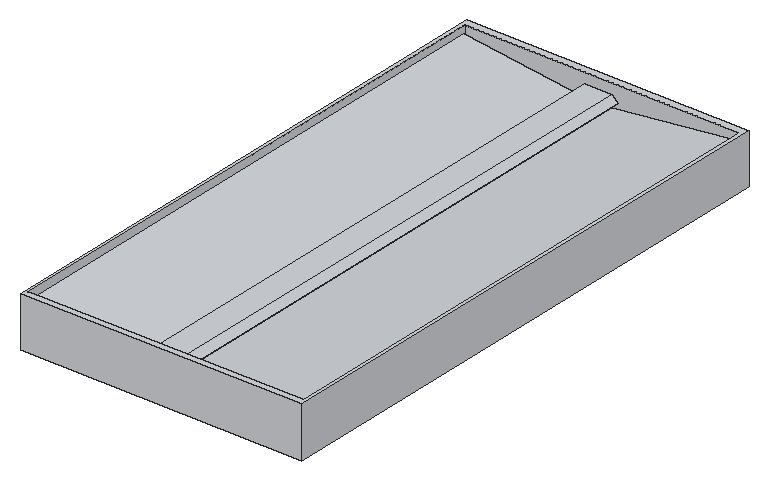
Revit family "LSER24", category Lighting Fixtures, host Face, Revit 2021
Family settings
  Host = Face
  Round Connector Dimension = Use Diameter
  Part Type = Normal
  Cut with Voids When Loaded = No
  Light Source = Yes
  Shared = No
  Room Calculation Point = No
Parameters (values of type "LSER24-40VLG-R-ESD")
  Wattage Comments = ""
  Wattage = 9.2903 W
  WIDTH = 2' - 0"
  built-in parameter 1150110 = 1 (stored number, unit not read)
  Voltage = 0 V
  URL = "https://www.currentlighting.com/columbia"
  built-in parameter 1114217 = 1 (stored number, unit not read)
  Tilt Angle = 90.00°
  built-in parameter 1150109 = 1 (stored number, unit not read)
  built-in parameter 1150134 = 3
  built-in parameter 1150113 = 1 (stored number, unit not read)
  Product Page URL = ""
  Product Documentation Link = ""
  Power Factor = 1
  Photometric Web File = "itl78386.ies"
  Number of Poles = 1
  Model = "LSER22"
  Manufacturer = "COLUMBIA"
  built-in parameter 1150105 = 109.82 (stored number, unit not read)
  Lumens = 1380 lm
  built-in parameter 1150115 = 1 (stored number, unit not read)
  built-in parameter 1150137 = (empty or 0)
  built-in parameter 1150139 = (empty or 0)
  built-in parameter 1150112 = 1 (stored number, unit not read)
  built-in parameter 1150114 = 1 (stored number, unit not read)
  Lamp = ""
  LEGNTH = 4' - 6"
  built-in parameter 1150132 = (empty or 0)
  built-in parameter 1150102 = (empty or 0)
  built-in parameter 1150107 = 3200 (stored number, unit not read)
  built-in parameter 1150138 = (empty or 0)
  built-in parameter 1150106 = 1.0982 (stored number, unit not read)
  built-in parameter 1150104 = 13.8 (stored number, unit not read)
  Dimming Lamp Color Temperature Shift = <None>
  Default Elevation = 4' - 0"
  Color Filter = 16777215
  built-in parameter 1114218 = 1 (stored number, unit not read)
  built-in parameter 1150133 = 10 (stored number, unit not read)
  Apparent Load = 0 VA
Types (25): name | Wattage Comments | Photometric Web File
  (no name) | "" | "itl78386.ies"
  LSER24-40VLG-R-ESD | "" | "itl78386.ies"
  LSER24-40VLG-C-ESD | "" | "itl78384.ies"
  LSER24-40MLG-R-ESD | "" | "itl78378.ies"
  LSER24-40MLG-C-ESD | "" | "itl78375.ies"
  LSER24-40LWG-R-ESD | "" | "itl78462.ies"
  LSER24-40LWG-C-ESD | "" | "itl78459.ies"
  LSER24-40HLG-R-ESD | "" | "itl78382.ies"
  LSER24-40HLG-C-ESD | "" | "itl78380.ies"
  LSER24-35VLG-R-ESD | "" | "itl78385.ies"
  LSER24-35VLG-C-ESD | "" | "itl78383.ies"
  LSER24-35MLG-R-ESD | "" | "itl78377.ies"
  LSER24-35MLG-C-ESD | "" | "itl78374.ies"
  LSER24-35LWG-R-ESD | "" | "itl78461.ies"
  LSER24-35LWG-C-ESD | "" | "itl78458.ies"
  LSER24-35HLG-R-ESD | "" | "itl78381.ies"
  LSER24-35HLG-C-ESD | "" | "itl78379.ies"
  LSER24-30VLG-R-ESD | "" | "itl78390.ies"
  LSER24-30VLG-C-ESD | "" | "itl78389.ies"
  LSER24-30MLG-R-ESD | "" | "itl78376.ies"
  LSER24-30MLG-C-ESD | "" | "itl78373.ies"
  LSER24-30LWG-R-ESD | "" | "itl78460.ies"
  LSER24-30LWG-C-ESD | "" | "itl78457.ies"
  LSER24-30HLG-R-ESD | "61.6" | "itl78388.ies"
  LSER24-30HLG-C-ESD | "61.6" | "itl78387.ies"
Reference planes (in)
  plane 1 "Center (Front/Back)": y = 0
  plane 2: z = 0
  plane 3 "Center (Left/Right)": x = 0
  plane 4: x = -11.75
  plane 5: y = 23.75
  plane 6: x = 12
  plane 7: y = 0
  plane 8: y = -11.75
  plane 9: x = 11.75
  plane 10: y = -23.75
Forms (in)
  Extrusion 1, solid
    sketch origin (0, 0, 0) x (1, 0, 0) y (0, 1, 0)
      loop
        line (-12, 23.75) -> (-12, -23.75) -> (12, -23.75) -> (12, 23.75) -> (-12, 23.75)
    from 0 to -4.3125
  Extrusion 2, void
    sketch origin (0, 0, 0) x (1, 0, 0) y (0, 1, 0)
      loop
        line (-11.75, 23.21071) -> (-11.75, -23.25) -> (11.75, -23.25) -> (11.75, 23.21071) -> (-11.75, 23.21071)
    from 0 to -4.3125
  Extrusion 3, solid
    sketch origin (0, 0, 0) x (1, 0, 0) y (0, 0, 1)
      loop
        line (-11.41519, -0.40894) -> (-11.16836, -2.4192) -> (11.33164, -2.4192) -> (11.33164, -0.4192) -> (1.15804, -1.66836) -> (1.68837, -1.13803) -> (1.15804, -0.6077) -> (-1.15804, -0.6077) -> (-1.68837, -1.13803) -> (-1.15804, -1.66836) -> (-11.41519, -0.40894)
    from 22.73152 to -22.75433
Cuts and joins
  Extrusion 2 cuts Extrusion 1
Lines and regions (in)
  reference lines
    curve 1: line (-11.33164, 0, -0.4192) -> (-1.15804, 0, -1.66836)
    curve 2: line (-1.15804, 0, -1.66836) -> (-1.68837, 0, -1.13803)
    curve 3: line (-1.68837, 0, -1.13803) -> (-1.15804, 0, -0.6077)
    curve 4: line (-1.15804, 0, -0.6077) -> (0, 0, -0.6077)
    curve 5: line (11.33164, 0, -0.4192) -> (1.15804, 0, -1.66836)
    curve 6: line (1.15804, 0, -1.66836) -> (1.68837, 0, -1.13803)
    curve 7: line (1.68837, 0, -1.13803) -> (1.15804, 0, -0.6077)
    curve 8: line (1.15804, 0, -0.6077) -> (0, 0, -0.6077)
Dimensions and locks (in)
  aligned and locked: plane 2 to host face
  aligned and locked: level to host face
Connectors (in)
  electrical at (0, 0, 0), driven by "Number of Poles", driven by "Voltage", driven by "Apparent Load", driven by "Power Factor"
    settings: on host face, index 1, voltage 0 V, apparent load 0 VA, apparent load phase1 0 VA, apparent load phase2 0 VA, apparent load phase3 0 VA, power factor 1, load classification "Other", number of poles 1, system type 31, power factor state 1, is connector primary yes, connector utility yes, sub classification motor no, connector description "Power"
